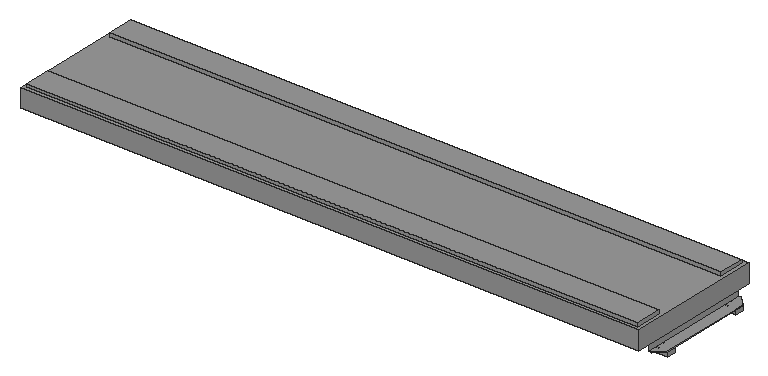
Revit family "44065", category Lighting Fixtures, host Face, Revit 2018
Family settings
  Host = Face
  Round Connector Dimension = Use Diameter
  Part Type = Normal
  OmniClass Number = 23.80.70.00
  OmniClass Title = Lighting
  Cut with Voids When Loaded = No
  Light Source = Yes
  Shared = No
  Room Calculation Point = No
Parameters (values of type "0044065 SPORTSBAY DALI 18KLM 840 EM")
  box length = 1160 mm
  Width = 320 mm
  Weight = "n/a"
  Wattage Comments = ""
  Wattage = 9.2903 W
  WarrantyStartDate [instance] = "n/a"
  WarrantyGuarantorParts = "n/a"
  WarrantyDurationUnit = "n/a"
  WarrantyDurationParts = ""
  WarrantyDescription = "http://www.sylvania-lighting.com"
  built-in parameter 1150110 = 1 (stored number, unit not read)
  Voltage = 0 V
  URL = "0.99"
  TypeName = "Sportsbay Dali 18klm 840 EM"
  Type Image = <None>
  Type Comments = "n/a"
  built-in parameter 1114217 = 1 (stored number, unit not read)
  Tilt Angle = -90.00°
  built-in parameter 1150109 = 1 (stored number, unit not read)
  built-in parameter 1150134 = 3
  built-in parameter 1150113 = 1 (stored number, unit not read)
  SerialNumber [instance] = "n/a"
  Photometric Web File = "0044065EM.IES"
  Material_3_SYL = none
  PowerFactor = 0
  PowerConsumption = "Lighting"
  NominalLength = 320 mm
  NominalHeight = 76 mm
  NominalDepth = 320 mm
  Name = "Sportsbay Dali 18klm 840 EM"
  ModelReference = Name  # "Sportsbay Dali 18klm 840 EM"
  ModelNumber = "0044065"
  Model = Name  # "Sportsbay Dali 18klm 840 EM"
  Material = "Feilo Sylvania"
  ManufacturerName = "151 lm/W"
  Manufacturer = ""
  LuminousEfficacy = ""
  built-in parameter 1150105 = 109.82 (stored number, unit not read)
  Lumens = 1380 lm
  LuminaireType = "0"
  built-in parameter 1150115 = 1 (stored number, unit not read)
  LightOutputRatio = "LED"
  built-in parameter 1150137 = (empty or 0)
  built-in parameter 1150139 = (empty or 0)
  Length = 1500 mm
  LampsType = Lamp  # "n/a"
  LampNominalLuminous = "4000 K"
  LampMacAdamStep = "80"
  LampColourTemperature = "LED"
  LampColourRenderingIndex = "16500"
  built-in parameter 1150112 = 1 (stored number, unit not read)
  built-in parameter 1150114 = 1 (stored number, unit not read)
  Lamp = "n/a"
  Keynote = "n/a"
  InstallationDate [instance] = "n/a"
  InputVoltage = "0"
  InputNominalFrequency = "4000"
  built-in parameter 1150132 = (empty or 0)
  built-in parameter 1150102 = (empty or 0)
  built-in parameter 1150107 = 3200 (stored number, unit not read)
  built-in parameter 1150138 = (empty or 0)
  IngressProtection = "IfcLightFixtureType"
  ImpactProtectionIndex = "IfcLightFixtureType"
  built-in parameter 1150106 = 1.0982 (stored number, unit not read)
  IfcExportType = "IfcLightFixtureType"
  IfcExportAs = "Class I"
  Height = 76 mm
  Emit from Circle Diameter = 609.6 mm
  Emit Shape Visible in Rendering = no
  ElectricShockClassification = "151"
  built-in parameter 1150104 = 13.8 (stored number, unit not read)
  DocumentationLiterature = "http://www.sylvania-lighting.com/product/en-int/products/0044065"
  DimmingControlOptions = "n/a"
  Material_2_SYL = none
  Dimming Lamp Color Temperature Shift = <None>
  Description = ""
  Default Elevation = 1219.2 mm
  CreatedOn = "26/09/2023"
  CreatedBy = "@sylvania-lighting.com"
  Cost = 0
  Color Filter = 16777215
  built-in parameter 1114216 [instance] = (empty or 0)
  ClassificationValue = "EF_70_80"
  ClassificationName = "Uniclass2015"
  Material_1_SYL = none
  BarCode [instance] = "n/a"
  built-in parameter 1114218 = 1 (stored number, unit not read)
  built-in parameter 1150133 = 10 (stored number, unit not read)
  AssetType = "Fixed"
  AssetIdentifier [instance] = "n/a"
  Assembly Code = "D5020200"
  Apparent Load = 122 VA
  Material_4_SYL = none
Reference planes
  plane 1 "Center (Front/Back)": y = 0
  plane 2: z = 0
  plane 3 "Center (Left/Right)": x = 0
  plane 4: x = -750
  plane 5: x = 750
  plane 6: y = 160
  plane 7: y = -160
  plane 8: z = 76
  plane 9: z = 1
  plane 10: y = 130
  plane 11: y = -130
  plane 12: y = 110
  plane 13: y = -110
  plane 14: z = 11
  plane 15: z = 68
  plane 16: z = 25
  plane 17: y = 90
  plane 18: y = 151
  plane 19: y = 90
  plane 20: x = -720
  plane 21: x = -728.997
  plane 22: x = -721
  plane 23: x = -712
  plane 24: x = -748.5
  plane 25: x = -723.5
  plane 26: x = 712
Forms (mm)
  Extrusion 1, solid, material "Aluminum", detail levels medium+fine
    sketch origin (0, 0, 0) x (1, 0, 0) y (0, 1, 0)
      loop
        line (-740.875, 130) -> (-750, 121.311) -> (-750, -110) -> (-728.997, -130) -> (-720, -130) -> (-720, 130) -> (-740.875, 130)
    from 11 to 12
  Extrusion 2, solid, material "Aluminum", detail levels medium+fine
    sketch origin (0, 0, 0) x (1, 0, 0) y (0, 1, 0)
      loop
        line (-720, 130) -> (-721, 130) -> (-721, -130) -> (-720, -130) -> (-720, 130)
    from 11 to 25
  Extrusion 3, solid, material "Aluminum", detail levels medium+fine
    sketch origin (1524, -324.9, 1219.2) x (1, 0, 0) y (0, 0, 1)
      loop
        line (-803, -1151.2) -> (-2245, -1151.2) -> (-2245, -1194.2) -> (-803, -1194.2) -> (-803, -1151.2)
    from -484.9 to -164.9
  Extrusion 4, solid, material "Aluminum", detail levels medium+fine
    sketch origin (0, 0, 0) x (1, 0, 0) y (0, 1, 0)
      loop
        line (-748.5, 110) -> (-748.5, 90) -> (-723.5, 90) -> (-723.5, 110) -> (-748.5, 110)
    from 0 to 11
  Extrusion 5, solid, material "Aluminum", detail levels medium+fine
    sketch origin (0, 0, 0) x (1, 0, 0) y (0, 1, 0)
      loop
        line (-748.5, -110) -> (-723.5, -110) -> (-723.5, -90) -> (-748.5, -90) -> (-748.5, -110)
    from 0 to 11
  Extrusion 6, solid, material "Glass, White, High Luminance", detail levels fine
    sketch origin (0, 0, 0) x (1, 0, 0) y (0, 1, 0)
      loop
        line (-712, 151) -> (-712, 90) -> (712, 90) -> (712, 151) -> (-712, 151)
    from 68 to 76
  Extrusion 7, solid, material "Glass, White, High Luminance", detail levels fine
    sketch origin (0, 0, 0) x (1, 0, 0) y (0, 1, 0)
      loop
        line (-712, -151) -> (712, -151) -> (712, -90) -> (-712, -90) -> (-712, -151)
    from 68 to 76
  Extrusion 8, solid, detail levels coarse
    sketch origin (0, 0, 0) x (1, 0, 0) y (0, 1, 0)
      loop
        line (-750, 160) -> (-750, -160) -> (750, -160) -> (750, 160) -> (-750, 160)
    from 0 to 76
  Extrusion 9, solid, material "Aluminum", detail levels medium+fine
    sketch origin (0, 0, 0) x (-1, 0, 0) y (0, -1, 0)
      loop
        line (-726.38, -130) -> (-720, -130) -> (-720, 130) -> (-728.997, 130) -> (-750, 110) -> (-750, -107.508) -> (-726.38, -130)
    from 11 to 12
  Extrusion 10, solid, material "Aluminum", detail levels coarse
    sketch origin (-1524, -324.9, 1219.2) x (-1, 0, 0) y (0, 0, -1)
      loop
        line (-774, 1143.2) -> (-774, 1219.2) -> (-2274, 1219.2) -> (-2274, 1143.2) -> (-774, 1143.2)
    from -484.9 to -164.9
  Extrusion 11, solid, material "Aluminum", detail levels medium+fine
    sketch origin (0, 0, 0) x (-1, 0, 0) y (0, -1, 0)
      loop
        line (-748.5, -110) -> (-723.5, -110) -> (-723.5, -90) -> (-748.5, -90) -> (-748.5, -110)
    from 0 to 11
  Extrusion 12, solid, material "Aluminum", detail levels medium+fine
    sketch origin (0, 0, 0) x (-1, 0, 0) y (0, -1, 0)
      loop
        line (-748.5, 110) -> (-748.5, 90) -> (-723.5, 90) -> (-723.5, 110) -> (-748.5, 110)
    from 0 to 11
  Extrusion 13, solid, material "Aluminum", detail levels medium+fine
    sketch origin (0, 0, 0) x (-1, 0, 0) y (0, -1, 0)
      loop
        line (-720, -130) -> (-720, 130) -> (-721, 130) -> (-721, -130) -> (-720, -130)
    from 11 to 25
Dimensions and locks
  equal spacing: plane 4, plane 3 "Center (Left/Right)", plane 5
  equal spacing: plane 6, plane 1 "Center (Front/Back)", plane 7
  "Length": plane 4 to plane 5
  "Width": plane 6 to plane 7
  "Height": plane 8 to level
  aligned and locked: plane 2 to host face
  aligned and locked: level to host face
Automatic sketch dimensions
  host sketch curve to host sketch curve = 2438.4 mm  (x2)
  Extrusion 1 sketch curve to plane 4 = 0 mm
  Extrusion 1 sketch curve to plane 11 = 0 mm
  Extrusion 1 sketch curve to plane 21 = 0 mm
  Extrusion 1 sketch curve to plane 10 = 0 mm
  Extrusion 1 sketch curve to plane 20 = 0 mm
  Extrusion 1 sketch curve to plane 13 = 0 mm
  plane 21 to Extrusion 1 sketch curve = 11.878 mm
  plane 12 to Extrusion 1 sketch curve = 11.311 mm
  Extrusion 2 sketch curve to plane 10 = 0 mm
  Extrusion 2 sketch curve to plane 22 = 0 mm
  Extrusion 2 sketch curve to plane 11 = 0 mm
  Extrusion 2 sketch curve to plane 20 = 0 mm
  Extrusion 4 sketch curve to plane 17 = 0 mm
  Extrusion 4 sketch curve to plane 24 = 0 mm
  Extrusion 4 sketch curve to plane 25 = 0 mm
  Extrusion 4 sketch curve to plane 12 = 0 mm
  Extrusion 5 sketch curve to plane 24 = 0 mm
  Extrusion 5 sketch curve to plane 25 = 0 mm
  Extrusion 5 sketch curve to plane 13 = 0 mm
  Extrusion 5 sketch curve to plane 13 = 20 mm
  Extrusion 6 sketch curve to plane 17 = 0 mm
  Extrusion 6 sketch curve to plane 23 = 0 mm
  Extrusion 6 sketch curve to plane 26 = 0 mm
  Extrusion 6 sketch curve to plane 18 = 0 mm
  Extrusion 7 sketch curve to plane 26 = 0 mm
  Extrusion 7 sketch curve to plane 7 = 9 mm
  Extrusion 7 sketch curve to plane 23 = 0 mm
  Extrusion 7 sketch curve to plane 13 = 20 mm
  Extrusion 8 sketch curve to plane 4 = 0 mm
  Extrusion 8 sketch curve to plane 5 = 0 mm
  Extrusion 8 sketch curve to plane 7 = 0 mm
  Extrusion 8 sketch curve to plane 6 = 0 mm
  Extrusion 9 sketch curve to plane 5 = 0 mm
  Extrusion 9 sketch curve to plane 11 = 0 mm
  Extrusion 9 sketch curve to plane 10 = 0 mm
  plane 13 to Extrusion 9 sketch curve = 0 mm
  Extrusion 9 sketch curve to plane 26 = 16.997 mm
  Extrusion 9 sketch curve to plane 26 = 14.38 mm
  Extrusion 9 sketch curve to Extrusion 9 sketch curve = 6.38 mm
  plane 12 to Extrusion 9 sketch curve = 2.492 mm
  Extrusion 10 sketch curve to plane 5 = 0 mm
  Extrusion 10 sketch curve to level = 0 mm
  Extrusion 10 sketch curve to plane 4 = 0 mm
  Extrusion 10 sketch curve to plane 8 = 0 mm
  plane 17 to Extrusion 11 sketch curve = 0 mm
  plane 12 to Extrusion 11 sketch curve = 0 mm
  plane 5 to Extrusion 11 sketch curve = 1.5 mm
  Extrusion 11 sketch curve to plane 26 = 11.5 mm
  plane 13 to Extrusion 12 sketch curve = 0 mm
  Extrusion 12 sketch curve to plane 5 = 1.5 mm
  plane 26 to Extrusion 12 sketch curve = 11.5 mm
  Extrusion 12 sketch curve to Extrusion 12 sketch curve = 20 mm
  Extrusion 13 sketch curve to plane 10 = 0 mm
  Extrusion 13 sketch curve to plane 11 = 0 mm
  Extrusion 13 sketch curve to plane 26 = 9 mm
  Extrusion 13 sketch curve to Extrusion 13 sketch curve = 1 mm
  Extrusion 3 sketch curve to plane 22 = 0 mm
  Extrusion 3 sketch curve to plane 16 = 0 mm
  Extrusion 3 sketch curve to plane 15 = 0 mm
  plane 26 to Extrusion 3 sketch curve = 9 mm
Connectors
  electrical at (0, 0, 0), driven by "Apparent Load", driven by "PowerFactor", driven by "Voltage"
    settings: index 1, voltage 0 V, apparent load 122 VA, apparent load phase1 0 VA, apparent load phase2 0 VA, apparent load phase3 0 VA, power factor 0, load classification "Lighting", number of poles 1, system type 30, power factor state 1, is connector primary yes, connector utility no, sub classification motor no, connector description ""
